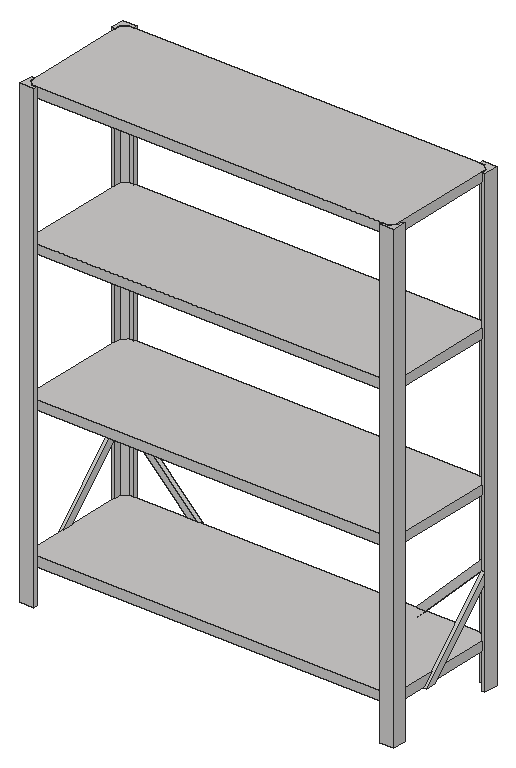
Revit family "QF_ELECTROLUXPROFESSIONAL_132948_NSC1570", category Attrezzature speciali, Revit 2020
Family settings
  Quota connettore circolare = Usa diametro
  Tipo di parte = Normale
  Basato su piano di lavoro = No
  Sempre verticale = Sì
  Taglio con vuoti quando caricato = No
  Condiviso = No
  Punto di calcolo locali = No
Parameters (values of type "Standard")
  Weight = 45.00 kg
  Watts = 0 W
  Volts = 0 V
  URL Manufacturer = "https://www.electroluxprofessional.com/"
  URL = "https://www.electroluxprofessional.com/"
  Steam Supply Size = 0 mm
  Steam Supply Minimum Pressure = 0.0 Pa
  Steam Supply Maximum Pressure = 0.0 Pa
  Steam Consumption per Hour = 0
  Refrigeration Suction Line Size = 0.0 mm
  Refrigeration Liquid Line Size = 0.0 mm
  Refrigerant Compressor Remote = yes
  Prospetto di default = 0.0 mm
  Phase = 0
  Modello = "NSC1570"
  Produttore = "Electrolux Professional"
  Length Actual = 1600.0 mm  # constant formula
  Item Number = "132948"
  Hot Water Size = 0 mm
  Height Actual = 1990.0 mm  # constant formula
  HP = "0 HP"
  Gas Size = 0 mm
  Gas KW = 0
  Gas Input Pressure = 0 W
  Direct Waste Size = 0 mm
  Descrizione = "S/S SHELVING WITH 4 SOLID SHELVES, 1570MM"
  Depth Actual = 550.0 mm  # constant formula
  Cycle = 0 Hz
  Condensate Return Size = 0 mm
  Compressed Air Volume = 0.0 L/s
  Compressed Air Size = 0 mm
  Compressed Air Pressure = 0.0 Pa
  Cold Water Size = 0 mm
  Accessory = yes
Reference planes
  plane 1 "Center (Front/Back)": y = 0
  plane 2: z = 0
  plane 3 "Center (Left/Right)": x = 0
  plane 4 "LEFT": x = -800
  plane 5 "RIGHT": x = 800
  plane 6 "BACK": y = 275
  plane 7 "FRONT": y = -275
  plane 8 "L1": z = 190
  plane 9 "TOP": z = 1990
  plane 10 "L2": z = 790
  plane 11 "L3": z = 1390
  plane 12: x = 740
  plane 13: y = -215
  plane 14: y = 215
  plane 15: x = -740
Forms (mm)
  Extrusion 1, solid, material "QF_Finishes_Stainless Steel"
    sketch origin (0, 0, 0) x (1, 0, 0) y (0, 1, 0)
      loop
        line (-800, 275) -> (-800, 215) -> (-785, 215) -> (-785, 237.5) -> (-762.5, 260) -> (-740, 260) -> (-740, 275) -> (-800, 275)
      loop
        line (-800, -275) -> (-740, -275) -> (-740, -260) -> (-762.5, -260) -> (-785, -237.5) -> (-785, -215) -> (-800, -215) -> (-800, -275)
    from 0 to 1990
  Extrusion 2, solid, material "QF_Finishes_Stainless Steel"
    sketch origin (0, 0, 1990) x (0, 1, 0) y (-1, 0, 0)
      loop
        line (-237.5, 785) -> (-260, 762.5) -> (-260, -762.5) -> (-237.5, -785) -> (237.5, -785) -> (260, -762.5) -> (260, 762.5) -> (237.5, 785) -> (-237.5, 785)
    from 0 to -40
  Extrusion 3, solid, material "QF_Finishes_Stainless Steel"
    sketch origin (0, 275, 0) x (1, 0, 0) y (0, 0, -1)
      loop
        line (470.026, -150) -> (427.6, -150) -> (757.678, -480.078) -> (778.891, -458.864) -> (470.026, -150)
    from 0 to -15
  Extrusion 4, solid, material "QF_Finishes_Stainless Steel"
    sketch origin (-800, 0, 0) x (0, 1, 0) y (0, 0, 1)
      loop
        line (-54.974, 150) -> (253.891, 458.864) -> (232.678, 480.078) -> (-97.4, 150) -> (-54.974, 150)
    from 0 to 15
  Extrusion 5, solid, material "QF_Finishes_Stainless Steel"
    sketch origin (800, 0, 0) x (0, 1, 0) y (0, 0, 1)
      loop
        line (-54.974, 150) -> (253.891, 458.864) -> (232.678, 480.078) -> (-97.4, 150) -> (-54.974, 150)
    from 0 to -15
  Extrusion 6, solid, material "QF_Finishes_Stainless Steel"
    sketch origin (0, 0, 0) x (-1, 0, 0) y (0, -1, 0)
      loop
        line (-800, -275) -> (-740, -275) -> (-740, -260) -> (-762.5, -260) -> (-785, -237.5) -> (-785, -215) -> (-800, -215) -> (-800, -275)
      loop
        line (-800, 275) -> (-800, 215) -> (-785, 215) -> (-785, 237.5) -> (-762.5, 260) -> (-740, 260) -> (-740, 275) -> (-800, 275)
    from 0 to 1990
  Extrusion 7, solid, material "QF_Finishes_Stainless Steel"
    sketch origin (0, 0, 190) x (0, 1, 0) y (-1, 0, 0)
      loop
        line (-237.5, 785) -> (-260, 762.5) -> (-260, -762.5) -> (-237.5, -785) -> (237.5, -785) -> (260, -762.5) -> (260, 762.5) -> (237.5, 785) -> (-237.5, 785)
    from 0 to -40
  Extrusion 8, solid, material "QF_Finishes_Stainless Steel"
    sketch origin (0, 0, 790) x (0, 1, 0) y (-1, 0, 0)
      loop
        line (-237.5, 785) -> (-260, 762.5) -> (-260, -762.5) -> (-237.5, -785) -> (237.5, -785) -> (260, -762.5) -> (260, 762.5) -> (237.5, 785) -> (-237.5, 785)
    from 0 to -40
  Extrusion 9, solid, material "QF_Finishes_Stainless Steel"
    sketch origin (0, 0, 1390) x (0, 1, 0) y (-1, 0, 0)
      loop
        line (-237.5, 785) -> (-260, 762.5) -> (-260, -762.5) -> (-237.5, -785) -> (237.5, -785) -> (260, -762.5) -> (260, 762.5) -> (237.5, 785) -> (-237.5, 785)
    from 0 to -40
  Extrusion 10, solid, material "QF_Finishes_Stainless Steel"
    sketch origin (0, 275, 0) x (-1, 0, 0) y (0, 0, 1)
      loop
        line (470.026, 150) -> (778.891, 458.864) -> (757.678, 480.078) -> (427.6, 150) -> (470.026, 150)
    from 0 to -15
Cuts and joins
  joined: Extrusion 1, Extrusion 3, Extrusion 4, Extrusion 5
Lines and regions (mm)
  symbolic lines
    curve 1: line (-800, 215, 190) -> (-800, 275, 190)
    curve 2: line (-800, 275, 190) -> (-740, 275, 190)
    curve 3: line (-740, 275, 190) -> (-740, 260, 190)
    curve 4: line (-740, 260, 190) -> (-762.5, 260, 190)
    curve 5: line (-762.5, 260, 190) -> (-785, 237.5, 190)
    curve 6: line (-785, 237.5, 190) -> (-785, 215, 190)
    curve 7: line (-785, 215, 190) -> (-800, 215, 190)
    curve 8: line (-800, -215, 190) -> (-785, -215, 190)
    curve 9: line (-785, -215, 190) -> (-785, -237.5, 190)
    curve 10: line (-785, -237.5, 190) -> (-762.5, -260, 190)
    curve 11: line (-762.5, -260, 190) -> (-740, -260, 190)
    curve 12: line (-740, -260, 190) -> (-740, -275, 190)
    curve 13: line (-740, -275, 190) -> (-800, -275, 190)
    curve 14: line (-800, -275, 190) -> (-800, -215, 190)
    curve 15: line (740, -275, 190) -> (800, -275, 190)
    curve 16: line (800, -275, 190) -> (800, -215, 190)
    curve 17: line (800, -215, 190) -> (785, -215, 190)
    curve 18: line (785, -215, 190) -> (785, -237.5, 190)
    curve 19: line (785, -237.5, 190) -> (762.5, -260, 190)
    curve 20: line (762.5, -260, 190) -> (740, -260, 190)
    curve 21: line (740, -260, 190) -> (740, -275, 190)
    curve 22: line (740, 275, 190) -> (740, 260, 190)
    curve 23: line (740, 260, 190) -> (762.5, 260, 190)
    curve 24: line (762.5, 260, 190) -> (785, 237.5, 190)
    curve 25: line (785, 237.5, 190) -> (785, 215, 190)
    curve 26: line (785, 215, 190) -> (800, 215, 190)
    curve 27: line (800, 215, 190) -> (800, 275, 190)
    curve 28: line (800, 275, 190) -> (740, 275, 190)
    curve 29: line (-740, 260, 190) -> (740, 260, 190)
    curve 30: line (785, 215, 190) -> (785, -215, 190)
    curve 31: line (740, -260, 190) -> (-740, -260, 190)
    curve 32: line (-785, -215, 190) -> (-785, 215, 190)
    curve 33: line (-800, -275, 190) -> (800, 275, 190)
Dimensions and locks
  plane 4 "LEFT" to plane 5 "RIGHT" = 1600.0 mm
  equal spacing: plane 4 "LEFT", plane 3 "Center (Left/Right)", plane 5 "RIGHT"
  equal spacing: plane 6 "BACK", plane 1 "Center (Front/Back)", plane 7 "FRONT"
  plane 6 "BACK" to plane 7 "FRONT" = 550.0 mm
  locked: plane 8 "L1" to level at 190
  locked: plane 9 "TOP" to level at 1990
  plane 9 "TOP" to plane 11 "L3" to plane 10 "L2" to plane 8 "L1" = 600.0 mm, 600.0 mm, 600.0 mm
  locked: cut or joined group of Extrusion 1, Extrusion 3, Extrusion 4, Extrusion 5 to cut or joined group of Extrusion 1, Extrusion 3, Extrusion 4, Extrusion 5 at 30
  locked: plane 5 "RIGHT" to Extrusion 3 sketch curve at 329.974
  locked: plane 6 "BACK" to plane 14 at 60
  locked: plane 13 to plane 7 "FRONT" at 60
  locked: plane 15 to plane 4 "LEFT" at 60
  locked: plane 5 "RIGHT" to plane 12 at 60
  locked: plane 8 "L1" to cut or joined group of Extrusion 1, Extrusion 3, Extrusion 4, Extrusion 5 (angle 45.00°)
  aligned and locked: level to plane 2
  aligned and locked: plane 4 "LEFT" to cut or joined group of Extrusion 1, Extrusion 3, Extrusion 4, Extrusion 5
  aligned and locked: cut or joined group of Extrusion 1, Extrusion 3, Extrusion 4, Extrusion 5 to plane 15
Automatic sketch dimensions
  Extrusion 1 sketch curve to plane 4 "LEFT" = 0.0 mm  (x2)
  Extrusion 1 sketch curve to plane 13 = 0.0 mm
  Extrusion 1 sketch curve to plane 14 = 0.0 mm
  Extrusion 1 sketch curve to plane 15 = 0.0 mm  (x2)
  Extrusion 1 sketch curve to plane 6 "BACK" = 0.0 mm
  Extrusion 1 sketch curve to plane 7 "FRONT" = 0.0 mm
  plane 4 "LEFT" to Extrusion 1 sketch curve = 15.0 mm  (x2)
  plane 15 to Extrusion 1 sketch curve = 22.5 mm  (x2)
  plane 7 "FRONT" to Extrusion 1 sketch curve = 15.0 mm
  Extrusion 1 sketch curve to Extrusion 1 sketch curve = 22.5 mm
  plane 14 to Extrusion 1 sketch curve = 22.5 mm
  Extrusion 1 sketch curve to Extrusion 1 sketch curve = 15.0 mm
  plane 7 "FRONT" to Extrusion 2 sketch curve = 15.0 mm
  Extrusion 2 sketch curve to plane 13 = 22.5 mm  (x2)
  plane 14 to Extrusion 2 sketch curve = 22.5 mm  (x2)
  Extrusion 2 sketch curve to plane 6 "BACK" = 15.0 mm
  Extrusion 2 sketch curve to plane 5 "RIGHT" = 15.0 mm
  Extrusion 2 sketch curve to plane 12 = 22.5 mm  (x2)
  plane 15 to Extrusion 2 sketch curve = 22.5 mm  (x2)
  plane 4 "LEFT" to Extrusion 2 sketch curve = 15.0 mm
  plane 8 "L1" to Extrusion 3 sketch curve = 40.0 mm
  Extrusion 3 sketch curve to Extrusion 3 sketch curve = 42.426 mm
  plane 12 to Extrusion 3 sketch curve = 17.678 mm
  plane 5 "RIGHT" to Extrusion 3 sketch curve = 21.109 mm
  Extrusion 4 sketch curve to plane 8 "L1" = 40.0 mm
  plane 1 "Center (Front/Back)" to Extrusion 4 sketch curve = 97.4 mm
  Extrusion 4 sketch curve to Extrusion 4 sketch curve = 42.426 mm
  plane 14 to Extrusion 4 sketch curve = 17.678 mm
  Extrusion 4 sketch curve to plane 6 "BACK" = 21.109 mm
  Extrusion 5 sketch curve to plane 8 "L1" = 40.0 mm
  plane 1 "Center (Front/Back)" to Extrusion 5 sketch curve = 97.4 mm
  Extrusion 5 sketch curve to Extrusion 5 sketch curve = 42.426 mm
  plane 14 to Extrusion 5 sketch curve = 17.678 mm
  Extrusion 5 sketch curve to plane 6 "BACK" = 21.109 mm
  Extrusion 6 sketch curve to plane 5 "RIGHT" = 0.0 mm  (x2)
  plane 13 to Extrusion 6 sketch curve = 0.0 mm
  plane 14 to Extrusion 6 sketch curve = 0.0 mm
  Extrusion 6 sketch curve to plane 12 = 0.0 mm  (x2)
  Extrusion 6 sketch curve to plane 6 "BACK" = 0.0 mm
  plane 7 "FRONT" to Extrusion 6 sketch curve = 0.0 mm
  plane 5 "RIGHT" to Extrusion 6 sketch curve = 15.0 mm  (x2)
  plane 12 to Extrusion 6 sketch curve = 22.5 mm  (x2)
  Extrusion 6 sketch curve to plane 7 "FRONT" = 15.0 mm
  plane 13 to Extrusion 6 sketch curve = 22.5 mm
  Extrusion 6 sketch curve to Extrusion 6 sketch curve = 22.5 mm
  plane 6 "BACK" to Extrusion 6 sketch curve = 15.0 mm
  plane 7 "FRONT" to Extrusion 7 sketch curve = 15.0 mm
  Extrusion 7 sketch curve to plane 13 = 22.5 mm  (x2)
  plane 14 to Extrusion 7 sketch curve = 22.5 mm  (x2)
  Extrusion 7 sketch curve to plane 6 "BACK" = 15.0 mm
  Extrusion 7 sketch curve to plane 5 "RIGHT" = 15.0 mm
  Extrusion 7 sketch curve to plane 12 = 22.5 mm  (x2)
  plane 15 to Extrusion 7 sketch curve = 22.5 mm  (x2)
  plane 4 "LEFT" to Extrusion 7 sketch curve = 15.0 mm
  plane 7 "FRONT" to Extrusion 8 sketch curve = 15.0 mm
  Extrusion 8 sketch curve to plane 13 = 22.5 mm  (x2)
  plane 14 to Extrusion 8 sketch curve = 22.5 mm  (x2)
  Extrusion 8 sketch curve to plane 6 "BACK" = 15.0 mm
  Extrusion 8 sketch curve to plane 5 "RIGHT" = 15.0 mm
  Extrusion 8 sketch curve to plane 12 = 22.5 mm  (x2)
  plane 15 to Extrusion 8 sketch curve = 22.5 mm  (x2)
  plane 4 "LEFT" to Extrusion 8 sketch curve = 15.0 mm
  plane 7 "FRONT" to Extrusion 9 sketch curve = 15.0 mm
  Extrusion 9 sketch curve to plane 13 = 22.5 mm  (x2)
  plane 14 to Extrusion 9 sketch curve = 22.5 mm  (x2)
  Extrusion 9 sketch curve to plane 6 "BACK" = 15.0 mm
  Extrusion 9 sketch curve to plane 5 "RIGHT" = 15.0 mm
  Extrusion 9 sketch curve to plane 12 = 22.5 mm  (x2)
  plane 15 to Extrusion 9 sketch curve = 22.5 mm  (x2)
  plane 4 "LEFT" to Extrusion 9 sketch curve = 15.0 mm
  curve 21 to plane 7 "FRONT" = 0.0 mm
  curve 33 to plane 4 "LEFT" = 0.0 mm
  curve 33 to plane 7 "FRONT" = 0.0 mm
  curve 31 to plane 12 = 0.0 mm
  curve 31 to plane 15 = 0.0 mm
  curve 8 to plane 13 = 0.0 mm
  plane 13 to curve 30 = 0.0 mm
  curve 1 to plane 4 "LEFT" = 0.0 mm
  curve 1 to plane 14 = 0.0 mm
  curve 26 to plane 5 "RIGHT" = 0.0 mm
  plane 14 to curve 26 = 0.0 mm
  curve 4 to plane 15 = 0.0 mm
  curve 23 to plane 12 = 0.0 mm
  plane 6 "BACK" to curve 27 = 0.0 mm
  curve 3 to plane 6 "BACK" = 0.0 mm
  curve 16 to plane 5 "RIGHT" = 0.0 mm
  curve 15 to curve 31 = 15.0 mm
  curve 10 to plane 13 = 22.5 mm
  curve 19 to plane 13 = 22.5 mm
  curve 25 to curve 24 = 22.5 mm
  curve 6 to curve 6 = 22.5 mm
  curve 23 to plane 6 "BACK" = 15.0 mm
  curve 26 to curve 25 = 15.0 mm
  curve 24 to curve 22 = 22.5 mm
  curve 20 to curve 20 = 22.5 mm
  plane 15 to curve 4 = 22.5 mm
  plane 15 to curve 11 = 22.5 mm
  plane 4 "LEFT" to curve 6 = 15.0 mm
  Extrusion 10 sketch curve to plane 8 "L1" = 40.0 mm
  Extrusion 10 sketch curve to plane 15 = 312.4 mm
  Extrusion 10 sketch curve to Extrusion 10 sketch curve = 42.426 mm
  plane 15 to Extrusion 10 sketch curve = 17.678 mm
  plane 4 "LEFT" to Extrusion 10 sketch curve = 21.109 mm
